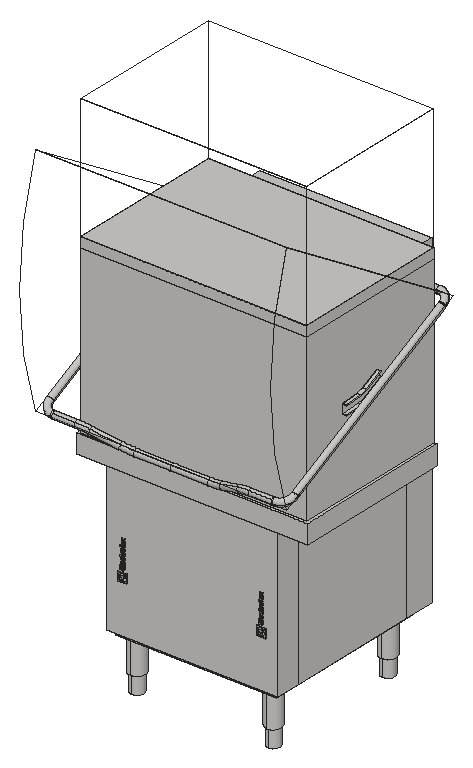
Revit family "QF_ELECTROLUXPROFESSIONAL_520519_EHT60XLG", category Specialty Equipment, Revit 2018
Family settings
  Round Connector Dimension = Use Diameter
  Part Type = Normal
  Work Plane-Based = No
  Always vertical = Yes
  Cut with Voids When Loaded = No
  Shared = Yes
  Room Calculation Point = No
Parameters (values of type "Standard")
  Weight = 135.00 kg
  Watts = 0 W
  Volts = 380 V
  URL Manufacturer = "http://professional.electrolux.com"
  URL = "http://professional.electrolux.com"
  Steam Supply Size = 0"
  Steam Supply Minimum Pressure = 0.00 psi
  Steam Supply Maximum Pressure = 0.00 psi
  Steam Pounds per Hour = 0
  Show Logo [instance] = yes
  Refrigeration Suction Line Size = 0"
  Refrigeration Liquid Line Size = 0"
  Refrigerant Compressor Remote = yes
  Phase = 3
  Model = "EHT60XL"
  Manufacturer = "Electrolux Professional"
  Length Actual = 990 mm  # constant formula
  Item Number = "520517"
  Hot Water Size = 3/4"
  Height Actual = 1567 mm  # constant formula
  HP = "13.3 HP"
  Gas Size = 0"
  Gas KW = 0
  Gas Input Pressure = 0.0 Btu/h
  Direct Waste Size = 0.80709"
  Description = "HOOD TYPE XL DISHWASHER, 60R/H,KFC"
  Depth Actual = 988 mm  # constant formula
  Cycle = 50 Hz
  Condensate Return Size = 0"
  Compressed Air Volume = 0 GPM
  Compressed Air Size = 0"
  Compressed Air Pressure = 0.00 psi
  Cold Water Size = 3/4"
  Assembly Code = ""
  Show Clearance [instance] = yes
  Accessory = yes
Types (2, lengths in mm): name | URL | Phase | Model | Manufacturer | Hot Water Size | Description | Cold Water Size
  (no name) | 0 | 0 | 0 | 0 | 0" | 0 | 0"
  Standard | "http://professional.electrolux.com" | 3 | "EHT60XL" | "Electrolux Professional" | 3/4" | "HOOD TYPE XL DISHWASHER, 60R/H,KFC" | 3/4"
Values of the unnamed type that differ from the named types
  Volts = 0 V
  URL Manufacturer = ""
  Item Number = ""
  Cycle = 0 Hz
Reference planes
  plane 1 "BACK": y = -5
  plane 2: z = 0
  plane 3: x = -79
  plane 4: x = 831
  plane 5: y = -763
  plane 6 "TOP": z = 1567
  plane 7 "Center Y": x = 376
  plane 8: z = 200
  plane 9: z = 875
  plane 10: x = 107
  plane 11: x = 645
  plane 12: z = 1567
  plane 13: y = -697
  plane 14: y = -384
  plane 15: y = -132
  plane 16: z = 800
  plane 17: x = 38
  plane 18: x = 714
  plane 19: z = 220
  plane 20: z = 1510
  plane 21: x = -69
  plane 22: x = 821
  plane 23: z = 1527
  plane 24 "maniglia": z = 1400
  plane 25 "LEFT": x = -119
  plane 26 "RIGHT": x = 871
  plane 27: z = 1006
  plane 28: y = -91
  plane 29 "maniglia1": through (0, -91, 1400) normal (0, 0.4379, -0.899)
  plane 30: z = 2057
  plane 31 "FRONT": y = -993
Forms (mm)
  Revolve 1, solid, material "QF_Finishes_Stainless Steel"
    sketch origin (107, 65.912, 0) x (0, 1, 0) y (0, 0, 1)
      loop
        line (-762.913, 0) -> (-737.513, 0) -> (-737.513, 69.951) -> (-731.163, 69.951) -> (-731.163, 200) -> (-762.913, 200) -> (-762.913, 0)
      axis (-762.913, 200) -> (-762.913, 0)
    angle from 0 to 360
  Revolve 2, solid, material "QF_Finishes_Stainless Steel"
    sketch origin (107, 627.062, 0) x (0, 1, 0) y (0, 0, 1)
      loop
        line (-759.062, 0) -> (-733.662, 0) -> (-733.662, 69.951) -> (-727.312, 69.951) -> (-727.312, 200) -> (-759.062, 200) -> (-759.062, 0)
      axis (-759.062, 200) -> (-759.062, 0)
    angle from 0 to 360
  Extrusion 3, solid, material "QF_Finishes_Stainless Steel"
    sketch origin (131.25, 5, 220) x (0, -1, 0) y (-1, 0, 0)
      loop
        circle (41, -431.75) r 10.25
    from 5.4 to 0
  Extrusion 4, solid, material "QF_Finishes_Stainless Steel"
    sketch origin (121, 0, 220) x (0, -1, 0) y (-1, 0, 0)
      loop
        circle (36, -495) r 9.525
    from 0 to 5.4
  Extrusion 5, solid, material "QF_Finishes_Stainless Steel"
    sketch origin (4, -1, 196.8) x (0, -1, 0) y (-1, 0, 0)
      loop
        circle (363, -655) r 12.7
    from 2.197 to -3.2
  Revolve 6, solid, material "QF_Finishes_Stainless Steel"
    sketch origin (645, 65.912, 0) x (0, 1, 0) y (0, 0, -1)
      loop
        line (-762.912, 0) -> (-762.912, -200) -> (-731.162, -200) -> (-731.162, -69.951) -> (-737.512, -69.951) -> (-737.512, 0) -> (-762.912, 0)
      axis (-762.912, -200) -> (-762.912, 0)
    angle from 0 to 360
  Revolve 7, solid, material "QF_Finishes_Stainless Steel"
    sketch origin (645, 627.062, 0) x (0, 1, 0) y (0, 0, -1)
      loop
        line (-759.062, 0) -> (-759.062, -200) -> (-727.312, -200) -> (-727.312, -69.951) -> (-733.662, -69.951) -> (-733.662, 0) -> (-759.062, 0)
      axis (-759.062, -200) -> (-759.062, 0)
    angle from 0 to 360
  Extrusion 8, solid, material "QF_Finishes_Stainless Steel"
    sketch origin (0, 0, 0) x (1, 0, 0) y (0, 1, 0)
      loop
        line (58, -71) -> (58, -743) -> (694, -743) -> (694, -71) -> (58, -71)
    from 200 to 220
  Extrusion 9, solid, material "QF_Finishes_Stainless Steel"
    sketch origin (0, 0, 0) x (1, 0, 0) y (0, 1, 0)
      loop
        line (38, -763) -> (714, -763) -> (714, -663) -> (38, -663) -> (38, -763)
    from 220 to 800
  Extrusion 10, solid, material "QF_Finishes_Stainless Steel"
    sketch origin (0, 0, 0) x (1, 0, 0) y (0, 1, 0)
      loop
        line (38, -663) -> (714, -663) -> (714, -125) -> (38, -125) -> (38, -663)
    from 220 to 800
  Extrusion 11, solid, material "QF_Finishes_Stainless Steel"
    sketch origin (0, 0, 0) x (1, 0, 0) y (0, 1, 0)
      loop
        line (38, -5) -> (38, -125) -> (714, -125) -> (714, -5) -> (38, -5)
    from 220 to 1510
  Extrusion 12, solid, material "QF_Finishes_Stainless Steel"
    sketch origin (0, 0, 0) x (1, 0, 0) y (0, 1, 0)
      loop
        line (-79, -763) -> (831, -763) -> (831, -125) -> (-79, -125) -> (-79, -763)
    from 800 to 875
  Extrusion 13, solid, material "QF_Finishes_Stainless Steel"
    sketch origin (0, 0, 0) x (1, 0, 0) y (0, 1, 0)
      loop
        line (-69, -753) -> (821, -753) -> (821, -125) -> (-69, -125) -> (-69, -753)
    from 875 to 1527
  Extrusion 14, solid, material "QF_Finishes_Stainless Steel"
    sketch origin (0, 0, 0) x (1, 0, 0) y (0, 1, 0)
      loop
        line (-69, -753) -> (821, -753) -> (821, -125) -> (-69, -125) -> (-69, -753)
    from 1527 to 1567
  Sweep 15, solid, material "QF_Finishes_Stainless Steel"
    path origin (0, -9.187, 1439.845) x (-1, 0, 0) y (0, -0.899046, -0.437854)
      loop
        line (-714, 91) -> (-813.5, 91)
        arc (-813.5, 91) -> (-845.32, 104.18) -> (-858.5, 136) r 45
        line (-858.5, 136) -> (-858.5, 141)
    profile origin (763.75, -91, 1400) x (0, 0.899046, 0.437854) y (0, -0.437854, 0.899046)
      loop
        circle (0, 0) r 12.5
  Sweep 16, solid, material "QF_Finishes_Stainless Steel"
    path origin (0, -568.558, 1167.419) x (0, 0.899046, 0.437854) y (1, 0, 0)
      loop
        line (481.183, 858.5) -> (-323.66, 858.5)
        arc (-323.66, 858.5) -> (-355.48, 845.32) -> (-368.66, 813.5) r 45
        line (-368.66, 813.5) -> (-368.66, 808.5)
    profile origin (858.5, -135.952, 1378.107) x (-1, 0, 0) y (0, 0.437854, -0.899046)
      loop
        circle (0, 0) r 12.5
  Sweep 17, solid, material "QF_Finishes_Stainless Steel"
    path origin (0, -240.005, 246.762) x (0, -0.656059, 0.75471) y (1, 0, 0)
      loop
        line (1006, 808.5) -> (1006, 719.479)
        arc (1006, 719.479) -> (1003.163, 694.657) -> (994.798, 671.116) r 110
        line (994.798, 671.116) -> (948.73, 577.005)
        arc (948.73, 577.005) -> (939.224, 550.253) -> (936, 522.047) r 125
        line (936, 522.047) -> (936, 376)
    profile origin (763.989, -900, 1006) x (0, -0.656059, 0.75471) y (0, 0.75471, 0.656059)
      loop
        circle (0, 0) r 12.5
  Sweep 18, solid, material "QF_Finishes_Stainless Steel"
    path origin (752, -9.187, 1439.845) x (1, 0, 0) y (0, 0.899046, 0.437854)
      loop
        line (-714, -91) -> (-813.5, -91)
        arc (-813.5, -91) -> (-845.32, -104.18) -> (-858.5, -136) r 45
        line (-858.5, -136) -> (-858.5, -141)
    profile origin (-11.75, -91, 1400) x (0, -0.899046, -0.437854) y (0, -0.437854, 0.899046)
      loop
        circle (0, 0) r 12.5
  Sweep 19, solid, material "QF_Finishes_Stainless Steel"
    path origin (752, -568.558, 1167.419) x (0, 0.899046, 0.437854) y (-1, 0, 0)
      loop
        line (481.183, 858.5) -> (-323.66, 858.5)
        arc (-323.66, 858.5) -> (-355.48, 845.32) -> (-368.66, 813.5) r 45
        line (-368.66, 813.5) -> (-368.66, 808.5)
    profile origin (-106.5, -135.952, 1378.107) x (-1, 0, 0) y (0, 0.437854, -0.899046)
      loop
        circle (0, 0) r 12.5
  Sweep 20, solid, material "QF_Finishes_Stainless Steel"
    path origin (752, -240.005, 246.762) x (0, -0.656059, 0.75471) y (1, 0, 0)
      loop
        line (1006, -808.5) -> (1006, -719.479)
        arc (1006, -719.479) -> (1003.163, -694.657) -> (994.798, -671.116) r 110
        line (994.798, -671.116) -> (948.73, -577.005)
        arc (948.73, -577.005) -> (939.224, -550.253) -> (936, -522.047) r 125
        line (936, -522.047) -> (936, -376)
    profile origin (-11.989, -900, 1006) x (0, 0.656059, -0.75471) y (0, 0.75471, 0.656059)
      loop
        circle (0, 0) r 12.5
  Sweep 21, solid, material "QF_Finishes_Stainless Steel"
    path origin (821, -753, -2.5) x (0, 1, 0) y (0, 0, 1)
      loop
        line (348.342, 1247.242) -> (279.509, 1213.719)
        arc (279.509, 1213.719) -> (262.474, 1207.358) -> (244.539, 1204.36) r 95
        line (244.539, 1204.36) -> (173.152, 1199.368)
    profile origin (821, -439.075, 1227.98) x (0, 0.437854, -0.899046) y (1, 0, 0)
      loop
        line (0, 0) -> (20, 0) -> (20, 20) -> (17, 20) -> (17, 3) -> (0, 3) -> (-17, 3) -> (-17, 20) -> (-20, 20) -> (-20, 0) -> (0, 0)
  Sweep 22, solid, material "QF_Finishes_Stainless Steel"
    path origin (-69, -753, -2.5) x (0, 1, 0) y (0, 0, -1)
      loop
        line (348.342, -1247.242) -> (279.509, -1213.719)
        arc (279.509, -1213.719) -> (262.474, -1207.358) -> (244.539, -1204.36) r 95
        line (244.539, -1204.36) -> (173.152, -1199.368)
    profile origin (-69, -439.075, 1227.98) x (0, -0.437854, 0.899046) y (-1, 0, 0)
      loop
        line (0, 0) -> (20, 0) -> (20, 20) -> (17, 20) -> (17, 3) -> (0, 3) -> (-17, 3) -> (-17, 20) -> (-20, 20) -> (-20, 0) -> (0, 0)
  Extrusion 23, solid, material "QF_Finishes_Door Clearance"
    sketch origin (0, 0, 440) x (1, 0, 0) y (0, 1, 0)
      loop
        line (-69, -753) -> (821, -753) -> (821, -125) -> (-69, -125) -> (-69, -753)
    from 1127 to 1577
  Extrusion 24, solid, material "QF_Finishes_Door Clearance"
    sketch origin (0, 0, 490) x (1, 0, 0) y (0, 1, 0)
      loop
        line (-69, -753) -> (821, -753) -> (821, -125) -> (-69, -125) -> (-69, -753)
    from 1527 to 1567
  Extrusion 25, solid, material "QF_Finishes_Door Clearance"
    sketch origin (821, -753, 0) x (0, 1, 0) y (0, 0, 1)
      loop
        line (662, 1400) -> (-159.6, 1929)
        arc (-159.6, 1929) -> (-240.108, 1464.432) -> (-159.6, 999.863) r 1380.647
        line (-159.6, 999.863) -> (662, 1400)
    from -940 to 50
Cuts and joins
  joined: Sweep 15, Sweep 16, Sweep 17, Sweep 18, Sweep 19, Sweep 20
  joined: Extrusion 23, Extrusion 24
Lines and regions (mm)
  Split face 1
    outline origin (-79, -763, 0) x (1, 0, 0) y (0, 0, 1)
      loop
        line (157, 789.087) -> (157, 229.087) -> (207, 229.087) -> (207, 789.087) -> (157, 789.087)
  Split face 2
    outline origin (831, -763, 0) x (-1, 0, 0) y (0, 0, -1)
      loop
        line (157, -789.087) -> (207, -789.087) -> (207, -229.087) -> (157, -229.087) -> (157, -789.087)
  Split face 3
    outline origin (-79, -763, 0) x (1, 0, 0) y (0, 0, 1)
      loop
        arc (174, 784.144) -> (172.586, 783.558) -> (172, 782.144) r 2
        line (172, 782.144) -> (172, 766.144)
        arc (172, 766.144) -> (172.586, 764.73) -> (174, 764.144) r 2
        line (174, 764.144) -> (182, 764.144)
        arc (182, 764.144) -> (189.071, 767.073) -> (192, 774.144) r 10
        line (192, 774.144) -> (192, 782.144)
        arc (192, 782.144) -> (191.414, 783.558) -> (190, 784.144) r 2
        line (190, 784.144) -> (174, 784.144)
  Split face 4
    outline origin (467, -763, 0) x (1, 0, 0) y (0, 0, 1)
      loop
        arc (174, 784.144) -> (172.586, 783.558) -> (172, 782.144) r 2
        line (172, 782.144) -> (172, 766.144)
        arc (172, 766.144) -> (172.586, 764.73) -> (174, 764.144) r 2
        line (174, 764.144) -> (182, 764.144)
        arc (182, 764.144) -> (189.071, 767.073) -> (192, 774.144) r 10
        line (192, 774.144) -> (192, 782.144)
        arc (192, 782.144) -> (191.414, 783.558) -> (190, 784.144) r 2
        line (190, 784.144) -> (174, 784.144)
  Split face 5
    outline origin (-79, -763, 0) x (1, 0, 0) y (0, 0, 1)
      loop
        arc (164, 707.109) -> (162.586, 706.524) -> (162, 705.109) r 2
        line (162, 705.109) -> (162, 689.109)
        arc (162, 689.109) -> (162.586, 687.695) -> (164, 687.109) r 2
        line (164, 687.109) -> (200, 687.109)
        arc (200, 687.109) -> (201.414, 687.695) -> (202, 689.109) r 2
        line (202, 689.109) -> (202, 705.109)
        arc (202, 705.109) -> (201.414, 706.524) -> (200, 707.109) r 2
        line (200, 707.109) -> (164, 707.109)
  Split face 6
    outline origin (831, -763, 0) x (-1, 0, 0) y (0, 0, -1)
      loop
        line (164, -707.109) -> (200, -707.109)
        arc (200, -707.109) -> (201.414, -706.524) -> (202, -705.109) r 2
        line (202, -705.109) -> (202, -689.109)
        arc (202, -689.109) -> (201.414, -687.695) -> (200, -687.109) r 2
        line (200, -687.109) -> (164, -687.109)
        arc (164, -687.109) -> (162.586, -687.695) -> (162, -689.109) r 2
        line (162, -689.109) -> (162, -705.109)
        arc (162, -705.109) -> (162.586, -706.524) -> (164, -707.109) r 2
  Split face 7
    outline origin (-91.5, -763, -113.75) x (1, 0, 0) y (0, 0, 1)
      loop
        arc (174, 784.144) -> (172.586, 783.558) -> (172, 782.144) r 2
        line (172, 782.144) -> (172, 766.144)
        arc (172, 766.144) -> (172.586, 764.73) -> (174, 764.144) r 2
        line (174, 764.144) -> (182, 764.144)
        arc (182, 764.144) -> (189.071, 767.073) -> (192, 774.144) r 10
        line (192, 774.144) -> (192, 782.144)
        arc (192, 782.144) -> (191.414, 783.558) -> (190, 784.144) r 2
        line (190, 784.144) -> (174, 784.144)
  Split face 8
    outline origin (-66.5, -763, -113.75) x (1, 0, 0) y (0, 0, 1)
      loop
        arc (174, 784.144) -> (172.586, 783.558) -> (172, 782.144) r 2
        line (172, 782.144) -> (172, 766.144)
        arc (172, 766.144) -> (172.586, 764.73) -> (174, 764.144) r 2
        line (174, 764.144) -> (182, 764.144)
        arc (182, 764.144) -> (189.071, 767.073) -> (192, 774.144) r 10
        line (192, 774.144) -> (192, 782.144)
        arc (192, 782.144) -> (191.414, 783.558) -> (190, 784.144) r 2
        line (190, 784.144) -> (174, 784.144)
  Split face 9
    outline origin (-91.5, -763, -138.75) x (1, 0, 0) y (0, 0, 1)
      loop
        arc (174, 784.144) -> (172.586, 783.558) -> (172, 782.144) r 2
        line (172, 782.144) -> (172, 766.144)
        arc (172, 766.144) -> (172.586, 764.73) -> (174, 764.144) r 2
        line (174, 764.144) -> (182, 764.144)
        arc (182, 764.144) -> (189.071, 767.073) -> (192, 774.144) r 10
        line (192, 774.144) -> (192, 782.144)
        arc (192, 782.144) -> (191.414, 783.558) -> (190, 784.144) r 2
        line (190, 784.144) -> (174, 784.144)
  Split face 10
    outline origin (-66.5, -763, -138.75) x (1, 0, 0) y (0, 0, 1)
      loop
        arc (174, 784.144) -> (172.586, 783.558) -> (172, 782.144) r 2
        line (172, 782.144) -> (172, 766.144)
        arc (172, 766.144) -> (172.586, 764.73) -> (174, 764.144) r 2
        line (174, 764.144) -> (182, 764.144)
        arc (182, 764.144) -> (189.071, 767.073) -> (192, 774.144) r 10
        line (192, 774.144) -> (192, 782.144)
        arc (192, 782.144) -> (191.414, 783.558) -> (190, 784.144) r 2
        line (190, 784.144) -> (174, 784.144)
  Split face 11
    outline origin (-91.5, -763, -163.75) x (1, 0, 0) y (0, 0, 1)
      loop
        arc (174, 784.144) -> (172.586, 783.558) -> (172, 782.144) r 2
        line (172, 782.144) -> (172, 766.144)
        arc (172, 766.144) -> (172.586, 764.73) -> (174, 764.144) r 2
        line (174, 764.144) -> (182, 764.144)
        arc (182, 764.144) -> (189.071, 767.073) -> (192, 774.144) r 10
        line (192, 774.144) -> (192, 782.144)
        arc (192, 782.144) -> (191.414, 783.558) -> (190, 784.144) r 2
        line (190, 784.144) -> (174, 784.144)
  Split face 12
    outline origin (-66.5, -763, -163.75) x (1, 0, 0) y (0, 0, 1)
      loop
        arc (174, 784.144) -> (172.586, 783.558) -> (172, 782.144) r 2
        line (172, 782.144) -> (172, 766.144)
        arc (172, 766.144) -> (172.586, 764.73) -> (174, 764.144) r 2
        line (174, 764.144) -> (182, 764.144)
        arc (182, 764.144) -> (189.071, 767.073) -> (192, 774.144) r 10
        line (192, 774.144) -> (192, 782.144)
        arc (192, 782.144) -> (191.414, 783.558) -> (190, 784.144) r 2
        line (190, 784.144) -> (174, 784.144)
  Split face 13
    outline origin (454.5, -763, -113.75) x (1, 0, 0) y (0, 0, 1)
      loop
        arc (174, 784.144) -> (172.586, 783.558) -> (172, 782.144) r 2
        line (172, 782.144) -> (172, 766.144)
        arc (172, 766.144) -> (172.586, 764.73) -> (174, 764.144) r 2
        line (174, 764.144) -> (182, 764.144)
        arc (182, 764.144) -> (189.071, 767.073) -> (192, 774.144) r 10
        line (192, 774.144) -> (192, 782.144)
        arc (192, 782.144) -> (191.414, 783.558) -> (190, 784.144) r 2
        line (190, 784.144) -> (174, 784.144)
  Split face 14
    outline origin (479.5, -763, -113.75) x (1, 0, 0) y (0, 0, 1)
      loop
        arc (174, 784.144) -> (172.586, 783.558) -> (172, 782.144) r 2
        line (172, 782.144) -> (172, 766.144)
        arc (172, 766.144) -> (172.586, 764.73) -> (174, 764.144) r 2
        line (174, 764.144) -> (182, 764.144)
        arc (182, 764.144) -> (189.071, 767.073) -> (192, 774.144) r 10
        line (192, 774.144) -> (192, 782.144)
        arc (192, 782.144) -> (191.414, 783.558) -> (190, 784.144) r 2
        line (190, 784.144) -> (174, 784.144)
  Split face 15
    outline origin (454.5, -763, -138.75) x (1, 0, 0) y (0, 0, 1)
      loop
        arc (174, 784.144) -> (172.586, 783.558) -> (172, 782.144) r 2
        line (172, 782.144) -> (172, 766.144)
        arc (172, 766.144) -> (172.586, 764.73) -> (174, 764.144) r 2
        line (174, 764.144) -> (182, 764.144)
        arc (182, 764.144) -> (189.071, 767.073) -> (192, 774.144) r 10
        line (192, 774.144) -> (192, 782.144)
        arc (192, 782.144) -> (191.414, 783.558) -> (190, 784.144) r 2
        line (190, 784.144) -> (174, 784.144)
  Split face 16
    outline origin (479.5, -763, -138.75) x (1, 0, 0) y (0, 0, 1)
      loop
        arc (174, 784.144) -> (172.586, 783.558) -> (172, 782.144) r 2
        line (172, 782.144) -> (172, 766.144)
        arc (172, 766.144) -> (172.586, 764.73) -> (174, 764.144) r 2
        line (174, 764.144) -> (182, 764.144)
        arc (182, 764.144) -> (189.071, 767.073) -> (192, 774.144) r 10
        line (192, 774.144) -> (192, 782.144)
        arc (192, 782.144) -> (191.414, 783.558) -> (190, 784.144) r 2
        line (190, 784.144) -> (174, 784.144)
  Split face 17
    outline origin (454.5, -763, -163.75) x (1, 0, 0) y (0, 0, 1)
      loop
        arc (174, 784.144) -> (172.586, 783.558) -> (172, 782.144) r 2
        line (172, 782.144) -> (172, 766.144)
        arc (172, 766.144) -> (172.586, 764.73) -> (174, 764.144) r 2
        line (174, 764.144) -> (182, 764.144)
        arc (182, 764.144) -> (189.071, 767.073) -> (192, 774.144) r 10
        line (192, 774.144) -> (192, 782.144)
        arc (192, 782.144) -> (191.414, 783.558) -> (190, 784.144) r 2
        line (190, 784.144) -> (174, 784.144)
  Split face 18
    outline origin (479.5, -763, -163.75) x (1, 0, 0) y (0, 0, 1)
      loop
        arc (174, 784.144) -> (172.586, 783.558) -> (172, 782.144) r 2
        line (172, 782.144) -> (172, 766.144)
        arc (172, 766.144) -> (172.586, 764.73) -> (174, 764.144) r 2
        line (174, 764.144) -> (182, 764.144)
        arc (182, 764.144) -> (189.071, 767.073) -> (192, 774.144) r 10
        line (192, 774.144) -> (192, 782.144)
        arc (192, 782.144) -> (191.414, 783.558) -> (190, 784.144) r 2
        line (190, 784.144) -> (174, 784.144)
  symbolic lines
    curve 1: line (38, -5, 0) -> (714, -5, 0)
    curve 2: line (714, -5, 0) -> (714, -125, 0)
    curve 3: line (831, -125, 0) -> (831, -763, 0)
    curve 4: line (831, -763, 0) -> (-79, -763, 0)
    curve 5: line (-79, -763, 0) -> (-79, -125, 0)
    curve 6: line (-79, -125, 0) -> (831, -125, 0)
    curve 7: line (38, -125, 0) -> (38, -5, 0)
    curve 8: line (-69, -125, 0) -> (-69, -753, 0)
    curve 9: line (-69, -753, 0) -> (821, -753, 0)
    curve 10: line (821, -753, 0) -> (821, -125, 0)
    curve 11: line (-69.967, -78.5, 0) -> (38, -78.5, 0)
    curve 12: line (38, -103.5, 0) -> (-67.885, -103.5, 0)
    curve 13: arc (-67.885, -103.5, 0) -> (-85.783, -113.648, 0) -> (-94, -132.51, 0) r 32.5
    curve 14: arc (-119, -131.557, 0) -> (-103.857, -96.367, 0) -> (-69.967, -78.5, 0) r 57.5
    curve 15: line (-119, -862.917, 0) -> (-119, -131.557, 0)
    curve 16: line (-94, -132.51, 0) -> (-94, -860.943, 0)
    curve 17: arc (-94, -860.943, 0) -> (-83.083, -879.781, 0) -> (-62.724, -887.5, 0) r 32.5
    curve 18: arc (-62.948, -912.5, 0) -> (-100.144, -898.075, 0) -> (-119, -862.917, 0) r 57.5
    curve 19: line (33.327, -912.5, 0) -> (-62.948, -912.5, 0)
    curve 20: line (-62.724, -887.5, 0) -> (33.327, -887.5, 0)
    curve 21: line (376, -866.562, 0) -> (227.694, -866.562, 0)
    curve 22: line (227.648, -841.562, 0) -> (376, -841.562, 0)
    curve 23: line (84.061, -904.757, 0) -> (178.933, -874.293, 0)
    curve 24: arc (33.327, -912.5, 0) -> (58.988, -910.553, 0) -> (84.061, -904.757, 0) r 170.084
    curve 25: arc (178.933, -874.293, 0) -> (203.016, -868.553, 0) -> (227.694, -866.562, 0) r 161.488
    curve 26: arc (33.327, -887.5, 0) -> (55.17, -885.846, 0) -> (76.515, -880.923, 0) r 145.084
    curve 27: line (76.515, -880.923, 0) -> (171.29, -850.49, 0)
    curve 28: arc (171.29, -850.49, 0) -> (199.125, -843.858, 0) -> (227.648, -841.562, 0) r 186.488
    curve 29: line (821.967, -78.5, 0) -> (714, -78.5, 0)
    curve 30: line (714, -103.5, 0) -> (819.885, -103.5, 0)
    curve 31: arc (819.885, -103.5, 0) -> (837.783, -113.648, 0) -> (846, -132.51, 0) r 32.5
    curve 32: arc (871, -131.557, 0) -> (855.857, -96.367, 0) -> (821.967, -78.5, 0) r 57.5
    curve 33: line (871, -862.917, 0) -> (871, -131.557, 0)
    curve 34: line (846, -132.51, 0) -> (846, -860.943, 0)
    curve 35: arc (846, -860.943, 0) -> (835.083, -879.781, 0) -> (814.724, -887.5, 0) r 32.5
    curve 36: arc (814.948, -912.5, 0) -> (852.144, -898.075, 0) -> (871, -862.917, 0) r 57.5
    curve 37: line (718.673, -912.5, 0) -> (814.948, -912.5, 0)
    curve 38: line (814.724, -887.5, 0) -> (718.673, -887.5, 0)
    curve 39: line (376, -866.562, 0) -> (524.306, -866.562, 0)
    curve 40: line (524.352, -841.562, 0) -> (376, -841.562, 0)
    curve 41: line (667.939, -904.757, 0) -> (573.067, -874.293, 0)
    curve 42: arc (718.673, -912.5, 0) -> (693.012, -910.553, 0) -> (667.939, -904.757, 0) r 170.084
    curve 43: arc (573.067, -874.293, 0) -> (548.984, -868.553, 0) -> (524.306, -866.562, 0) r 161.488
    curve 44: arc (718.673, -887.5, 0) -> (696.83, -885.846, 0) -> (675.485, -880.923, 0) r 145.084
    curve 45: line (675.485, -880.923, 0) -> (580.71, -850.49, 0)
    curve 46: arc (580.71, -850.49, 0) -> (552.875, -843.858, 0) -> (524.352, -841.562, 0) r 186.488
  symbolic lines, style "QF-Door Swings"
    curve 47: line (-119, -862.917, 0) -> (-119, -993.108, 0)
    curve 48: line (-119, -993.108, 0) -> (871, -993.108, 0)
    curve 49: line (871, -993.108, 0) -> (871, -862.917, 0)
  symbolic lines, style "SpecialityEquipmentHiddenLines"
    curve 50: line (714, -763, 0) -> (714, -125, 0)
    curve 51: line (38, -125, 0) -> (38, -763, 0)
    curve 52: line (38, -763, 0) -> (714, -763, 0)
Dimensions and locks
  Extrusion 4 sketch curve to plane 1 "BACK" = 31 mm
  locked: plane 9 to level at 875
  Extrusion 3 sketch curve to plane 1 "BACK" = 31 mm
  Extrusion 5 sketch curve to plane 1 "BACK" = 359 mm
  plane 3 to plane 4 = 910 mm  (x2)
  locked: plane 10 to plane 11 at 538
  locked: plane 8 to level at 200
  plane 12 to level = 1567 mm
  equal spacing: plane 5, plane 14, plane 1 "BACK"
  plane 5 to plane 1 "BACK" = 758 mm
  equal spacing: plane 3, plane 7 "Center Y", plane 4
  plane 13 to plane 15 to plane 1 "BACK" = 565 mm, 127 mm
  locked: plane 9 to plane 16 at 75
  locked: plane 3 to plane 17 at 117
  locked: plane 18 to plane 4 at 117
  plane 17 to plane 18 = 676 mm
  locked: plane 19 to plane 8 at 20
  plane 12 to plane 20 = 57 mm
  plane 12 to plane 23 = 40 mm
  plane 22 to plane 21 = 890 mm
  plane 25 "LEFT" to plane 26 "RIGHT" = 990 mm
  plane 30 to level = 2057 mm  (x2)
  plane 31 "FRONT" to plane 1 "BACK" = 988 mm  (x2)
  plane 9 to Extrusion 23 = 692 mm
  plane 9 to level = 875 mm
  aligned and locked: level to plane 2
  aligned and locked: Extrusion 8 to Revolve 1
  aligned and locked: plane 5 to Extrusion 9 sketch curve
  aligned and locked: plane 16 to Extrusion 9
  aligned and locked: Extrusion 9 to plane 19
  aligned and locked: plane 19 to Extrusion 8
  aligned and locked: Extrusion 10 sketch curve to Extrusion 9
  aligned and locked: Extrusion 10 to plane 19
  aligned and locked: plane 16 to Extrusion 10
  aligned and locked: Extrusion 9 sketch curve to plane 18
  aligned and locked: plane 17 to Extrusion 9 sketch curve
  aligned and locked: Extrusion 10 sketch curve to plane 18
  aligned and locked: plane 1 "BACK" to Extrusion 11 sketch curve
  aligned and locked: Extrusion 11 sketch curve to plane 17
  aligned and locked: Extrusion 11 sketch curve to Extrusion 10  (x2)
  aligned and locked: plane 20 to Extrusion 11
  aligned and locked: Extrusion 11 to plane 19
  aligned and locked: plane 5 to Extrusion 12 sketch curve
  aligned and locked: Extrusion 12 sketch curve to plane 3
  aligned and locked: plane 4 to Extrusion 12 sketch curve
  aligned and locked: plane 9 to Extrusion 12
  aligned and locked: Extrusion 12 to plane 16
  aligned and locked: Extrusion 13 sketch curve to plane 21
  aligned and locked: plane 22 to Extrusion 13 sketch curve
  aligned and locked: Extrusion 13 to plane 9
  aligned and locked: plane 23 to Extrusion 13
  aligned and locked: Extrusion 14 sketch curve to Extrusion 13  (x4)
  aligned and locked: plane 6 "TOP" to Extrusion 14
  aligned and locked: Extrusion 14 to plane 23
  aligned and locked: Extrusion 24 sketch curve to Extrusion 23  (x4)
  aligned and locked: Extrusion 23 to Extrusion 24
Automatic sketch dimensions
  plane 7 "Center Y" to Extrusion 3 sketch curve = 187 mm
  plane 7 "Center Y" to Extrusion 4 sketch curve = 240 mm
  Extrusion 5 sketch curve to plane 11 = 14 mm
  Extrusion 10 sketch curve to plane 17 = 0 mm
  Sweep 15 sketch curve to plane 18 = 0 mm
  Sweep 15 sketch curve to plane 22 = 7.5 mm
  Sweep 15 sketch curve to plane 26 "RIGHT" = 12.5 mm
  Sweep 15 sketch curve to Sweep 15 sketch curve = 5 mm
  profile plane to Sweep 15 sketch curve = 0 mm
  Sweep 15 sketch curve to profile plane = 0 mm
  Sweep 16 sketch curve to plane 22 = 7.5 mm
  Sweep 16 sketch curve to Sweep 16 sketch curve = 45 mm
  Sweep 16 sketch curve to Sweep 16 sketch curve = 804.843 mm
  Sweep 16 sketch curve to Sweep 16 sketch curve = 5 mm
  plane 29 "maniglia1" to Sweep 16 sketch curve = 0 mm
  Sweep 16 sketch curve to profile plane = 0 mm
  Sweep 17 sketch curve to plane 7 "Center Y" = 0 mm
  Sweep 17 sketch curve to plane 18 = 5.479 mm
  Sweep 17 sketch curve to Sweep 17 sketch curve = 40 mm
  plane 11 to Sweep 17 sketch curve = 67.995 mm
  Sweep 17 sketch curve to Sweep 17 sketch curve = 12.73 mm
  Sweep 17 sketch curve to Sweep 17 sketch curve = 46.069 mm
  plane 11 to Sweep 17 sketch curve = 122.953 mm
  Sweep 17 sketch curve to plane 22 = 12.5 mm
  profile plane to Sweep 17 sketch curve = 0 mm
  Sweep 17 sketch curve to profile plane = 0 mm
  Sweep 18 sketch curve to plane 17 = 0 mm
  plane 21 to Sweep 18 sketch curve = 7.5 mm
  plane 25 "LEFT" to Sweep 18 sketch curve = 12.5 mm
  Sweep 18 sketch curve to Sweep 18 sketch curve = 5 mm
  Sweep 18 sketch curve to profile plane = 0 mm  (x2)
  Sweep 19 sketch curve to plane 21 = 7.5 mm
  Sweep 19 sketch curve to Sweep 19 sketch curve = 45 mm
  Sweep 19 sketch curve to Sweep 19 sketch curve = 804.843 mm
  Sweep 19 sketch curve to Sweep 19 sketch curve = 5 mm
  plane 29 "maniglia1" to Sweep 19 sketch curve = 0 mm
  Sweep 19 sketch curve to profile plane = 0 mm
  Sweep 20 sketch curve to plane 7 "Center Y" = 0 mm
  plane 17 to Sweep 20 sketch curve = 5.479 mm
  Sweep 20 sketch curve to Sweep 20 sketch curve = 40 mm
  Sweep 20 sketch curve to plane 10 = 67.995 mm
  Sweep 20 sketch curve to Sweep 20 sketch curve = 12.73 mm
  Sweep 20 sketch curve to Sweep 20 sketch curve = 46.069 mm
  Sweep 20 sketch curve to plane 10 = 122.953 mm
  plane 21 to Sweep 20 sketch curve = 12.5 mm
  Sweep 20 sketch curve to profile plane = 0 mm  (x2)
  Sweep 22 sketch curve to plane 14 = 131.087 mm
  Sweep 22 sketch curve to Sweep 22 sketch curve = 6.627 mm
  Sweep 22 sketch curve to Sweep 22 sketch curve = 34.969 mm
  Sweep 22 sketch curve to plane 24 "maniglia" = 103.372 mm
  Sweep 22 sketch curve to Sweep 22 sketch curve = 85.409 mm
  Sweep 22 sketch curve to Sweep 22 sketch curve = 71.388 mm
  Sweep 22 sketch curve to plane 14 = 20.658 mm
  Sweep 22 sketch curve to Sweep 22 sketch curve = 33.523 mm
  Sweep 22 sketch curve to Sweep 22 sketch curve = 4.992 mm
  Sweep 22 sketch curve to profile plane = 0 mm
  profile plane to Sweep 22 sketch curve = 0 mm  (x2)
  profile plane to Sweep 22 sketch curve = 3 mm
  profile plane to Sweep 22 sketch curve = 17 mm
  Sweep 22 sketch curve to Sweep 22 sketch curve = 3 mm  (x2)
  Sweep 22 sketch curve to profile plane = 17 mm
  Sweep 22 sketch curve to Sweep 22 sketch curve = 17 mm  (x2)
  Extrusion 23 sketch curve to plane 21 = 0 mm
  Extrusion 23 sketch curve to plane 22 = 0 mm
  Revolve 1 sketch curve to level = 0 mm  (x2)
  Revolve 1 sketch curve to plane 13 = 0 mm  (x2)
  Revolve 1 sketch curve to plane 8 = 0 mm
  level to Revolve 1 sketch curve = 69.951 mm
  Revolve 1 sketch curve to Revolve 1 sketch curve = 19.05 mm
  Revolve 2 sketch curve to level = 0 mm  (x2)
  Revolve 2 sketch curve to plane 15 = 0 mm  (x2)
  Revolve 2 sketch curve to plane 8 = 0 mm
  Revolve 2 sketch curve to plane 28 = 15.6 mm
  Revolve 2 sketch curve to Revolve 2 sketch curve = 6.35 mm
  level to Revolve 2 sketch curve = 69.951 mm
  Revolve 2 sketch curve to Revolve 2 sketch curve = 19.05 mm
  Revolve 6 sketch curve to level = 0 mm  (x2)
  Revolve 6 sketch curve to plane 13 = 0 mm  (x2)
  Revolve 6 sketch curve to plane 8 = 0 mm
  level to Revolve 6 sketch curve = 69.951 mm
  Revolve 6 sketch curve to Revolve 6 sketch curve = 19.05 mm
  Revolve 7 sketch curve to level = 0 mm  (x2)
  Revolve 7 sketch curve to plane 15 = 0 mm  (x2)
  Revolve 7 sketch curve to plane 8 = 0 mm
  Revolve 7 sketch curve to plane 28 = 15.6 mm
  Revolve 7 sketch curve to Revolve 7 sketch curve = 6.35 mm
  level to Revolve 7 sketch curve = 69.951 mm
  Revolve 7 sketch curve to Revolve 7 sketch curve = 19.05 mm
  Split face 1 sketch curve to Extrusion 9 = 9.087 mm
  Split face 1 sketch curve to Extrusion 9 = 40 mm
  Split face 1 sketch curve to Split face 1 sketch curve = 50 mm
  Split face 1 sketch curve to Extrusion 9 = 10.913 mm
  Split face 2 sketch curve to Extrusion 9 = 9.087 mm
  Split face 2 sketch curve to Extrusion 9 = 40 mm
  Split face 2 sketch curve to Split face 2 sketch curve = 50 mm
  Split face 2 sketch curve to Extrusion 9 = 10.913 mm
  Split face 3 sketch curve to Extrusion 9 = 55 mm
  Split face 3 sketch curve to Split face 3 sketch curve = 2 mm  (x3)
  Split face 3 sketch curve to Split face 3 sketch curve = 8 mm  (x3)
  Split face 3 sketch curve to Extrusion 9 = 35.856 mm
  Split face 4 sketch curve to Extrusion 9 = 75 mm
  Split face 4 sketch curve to Split face 4 sketch curve = 2 mm  (x3)
  Split face 4 sketch curve to Split face 4 sketch curve = 8 mm  (x3)
  Split face 4 sketch curve to Extrusion 9 = 35.856 mm
  Split face 5 sketch curve to Extrusion 9 = 45 mm
  Split face 5 sketch curve to Split face 5 sketch curve = 2 mm  (x3)
  Split face 5 sketch curve to Split face 5 sketch curve = 36 mm
  Split face 5 sketch curve to Split face 5 sketch curve = 0 mm
  Split face 5 sketch curve to Extrusion 9 = 112.891 mm
  Split face 5 sketch curve to Split face 5 sketch curve = 16 mm
  Split face 6 sketch curve to Extrusion 9 = 45 mm
  Split face 6 sketch curve to Split face 6 sketch curve = 2 mm  (x3)
  Split face 6 sketch curve to Split face 6 sketch curve = 36 mm
  Split face 6 sketch curve to Split face 6 sketch curve = 0 mm
  Split face 6 sketch curve to Extrusion 9 = 92.891 mm
  Split face 6 sketch curve to Split face 6 sketch curve = 16 mm
  Split face 7 sketch curve to Extrusion 9 = 42.5 mm
  Split face 7 sketch curve to Split face 7 sketch curve = 2 mm  (x3)
  Split face 7 sketch curve to Split face 7 sketch curve = 8 mm  (x3)
  Split face 7 sketch curve to Extrusion 9 = 149.606 mm
  Split face 8 sketch curve to Extrusion 9 = 67.5 mm
  Split face 8 sketch curve to Split face 8 sketch curve = 2 mm  (x3)
  Split face 8 sketch curve to Split face 8 sketch curve = 8 mm  (x3)
  Split face 8 sketch curve to Extrusion 9 = 149.606 mm
  Split face 9 sketch curve to Extrusion 9 = 42.5 mm
  Split face 9 sketch curve to Split face 9 sketch curve = 2 mm  (x3)
  Split face 9 sketch curve to Split face 9 sketch curve = 8 mm  (x3)
  Split face 9 sketch curve to Extrusion 9 = 174.606 mm
  Split face 10 sketch curve to Extrusion 9 = 67.5 mm
  Split face 10 sketch curve to Split face 10 sketch curve = 2 mm  (x3)
  Split face 10 sketch curve to Split face 10 sketch curve = 8 mm  (x3)
  Split face 10 sketch curve to Extrusion 9 = 174.606 mm
  Split face 11 sketch curve to Extrusion 9 = 42.5 mm
  Split face 11 sketch curve to Split face 11 sketch curve = 2 mm  (x3)
  Split face 11 sketch curve to Split face 11 sketch curve = 8 mm  (x3)
  Split face 11 sketch curve to Extrusion 9 = 199.606 mm
  Split face 12 sketch curve to Extrusion 9 = 67.5 mm
  Split face 12 sketch curve to Split face 12 sketch curve = 2 mm  (x3)
  Split face 12 sketch curve to Split face 12 sketch curve = 8 mm  (x3)
  Split face 12 sketch curve to Extrusion 9 = 199.606 mm
  Split face 13 sketch curve to Extrusion 9 = 87.5 mm
  Split face 13 sketch curve to Split face 13 sketch curve = 2 mm  (x3)
  Split face 13 sketch curve to Split face 13 sketch curve = 8 mm  (x3)
  Split face 13 sketch curve to Extrusion 9 = 149.606 mm
  Split face 14 sketch curve to Extrusion 9 = 62.5 mm
  Split face 14 sketch curve to Split face 14 sketch curve = 2 mm  (x3)
  Split face 14 sketch curve to Split face 14 sketch curve = 8 mm  (x3)
  Split face 14 sketch curve to Extrusion 9 = 149.606 mm
  Split face 15 sketch curve to Extrusion 9 = 87.5 mm
  Split face 15 sketch curve to Split face 15 sketch curve = 2 mm  (x3)
  Split face 15 sketch curve to Split face 15 sketch curve = 8 mm  (x3)
  Split face 15 sketch curve to Extrusion 9 = 174.606 mm
  Split face 16 sketch curve to Extrusion 9 = 62.5 mm
  Split face 16 sketch curve to Split face 16 sketch curve = 2 mm  (x3)
  Split face 16 sketch curve to Split face 16 sketch curve = 8 mm  (x3)
  Split face 16 sketch curve to Extrusion 9 = 174.606 mm
  Split face 17 sketch curve to Extrusion 9 = 87.5 mm
  Split face 17 sketch curve to Split face 17 sketch curve = 2 mm  (x3)
  Split face 17 sketch curve to Split face 17 sketch curve = 8 mm  (x3)
  Split face 17 sketch curve to Extrusion 9 = 199.606 mm
  Split face 18 sketch curve to Extrusion 9 = 62.5 mm
  Split face 18 sketch curve to Split face 18 sketch curve = 2 mm  (x3)
  Split face 18 sketch curve to Split face 18 sketch curve = 8 mm  (x3)
  Split face 18 sketch curve to Extrusion 9 = 199.606 mm
  Sweep 21 sketch curve to Extrusion 13 = 237.913 mm
  Sweep 21 sketch curve to Sweep 21 sketch curve = 6.627 mm
  Sweep 21 sketch curve to Sweep 21 sketch curve = 34.969 mm
  Extrusion 13 to Sweep 21 sketch curve = 325.14 mm
  Sweep 21 sketch curve to Sweep 21 sketch curve = 9.359 mm
  Sweep 21 sketch curve to Sweep 21 sketch curve = 71.388 mm
  Sweep 21 sketch curve to Sweep 21 sketch curve = 68.833 mm
  Sweep 21 sketch curve to Sweep 21 sketch curve = 4.992 mm
  Sweep 21 sketch curve to Sweep 21 sketch curve = 33.523 mm
  Sweep 21 sketch curve to profile plane = 0 mm  (x3)
  profile plane to Sweep 21 sketch curve = 3 mm
  Sweep 21 sketch curve to Sweep 21 sketch curve = 17 mm  (x3)
  Sweep 21 sketch curve to Sweep 21 sketch curve = 3 mm  (x2)
  Sweep 21 sketch curve to profile plane = 17 mm
  Extrusion 13 to Extrusion 25 sketch curve = 159.6 mm  (x2)
  Extrusion 13 to Extrusion 25 sketch curve = 34 mm
  Extrusion 13 to Extrusion 25 sketch curve = 62.568 mm
  Extrusion 25 sketch curve to Extrusion 25 sketch curve = 478.539 mm
  Extrusion 13 to Extrusion 25 sketch curve = 127 mm
  Extrusion 13 to Extrusion 25 sketch curve = 124.863 mm
  curve 13 to curve 14 = 0 mm  (x2)
  curve 17 to curve 18 = 0 mm  (x2)
  curve 24 to curve 26 = 0 mm  (x2)
  curve 25 to curve 28 = 0 mm  (x2)
  curve 31 to curve 32 = 0 mm  (x2)
  curve 35 to curve 36 = 0 mm  (x2)
  curve 42 to curve 44 = 0 mm  (x2)
  curve 43 to curve 46 = 0 mm  (x2)
  curve 18 to plane 25 "LEFT" = 0 mm
  curve 4 to plane 3 = 0 mm
  curve 8 to plane 21 = 0 mm
  curve 12 to plane 17 = 0 mm
  plane 5 to curve 52 = 0 mm
  curve 52 to plane 17 = 0 mm
  curve 39 to plane 7 "Center Y" = 0 mm
  curve 22 to plane 7 "Center Y" = 0 mm
  curve 29 to plane 18 = 0 mm
  curve 50 to plane 18 = 0 mm
  curve 10 to plane 22 = 0 mm
  curve 4 to plane 4 = 0 mm
  curve 48 to plane 26 "RIGHT" = 0 mm
  plane 5 to curve 5 = 0 mm
  plane 1 "BACK" to curve 2 = 0 mm
  curve 16 to plane 3 = 15 mm
  curve 11 to plane 21 = 0.967 mm
  plane 21 to curve 12 = 1.115 mm
  plane 21 to curve 19 = 6.052 mm
  plane 21 to curve 20 = 6.276 mm
  plane 21 to curve 18 = 6.953 mm
  curve 13 to plane 15 = 3.392 mm
  plane 21 to curve 13 = 7.372 mm
  plane 17 to curve 26 = 4.673 mm
  plane 10 to curve 23 = 22.939 mm
  curve 27 to plane 10 = 64.29 mm
  curve 28 to curve 23 = 7.643 mm
  curve 27 to curve 22 = 56.359 mm
  curve 22 to curve 21 = 0.046 mm
  curve 28 to plane 31 "FRONT" = 35.049 mm
  curve 28 to plane 10 = 121.305 mm
  curve 46 to plane 31 "FRONT" = 35.049 mm
  plane 11 to curve 46 = 121.305 mm
  plane 11 to curve 39 = 120.694 mm
  curve 39 to curve 40 = 0.046 mm
  curve 41 to curve 45 = 7.643 mm
  curve 41 to plane 11 = 22.939 mm
  curve 37 to plane 18 = 4.673 mm
  curve 32 to plane 22 = 7.372 mm
  curve 35 to plane 22 = 6.953 mm
  curve 38 to plane 22 = 6.276 mm
  curve 37 to plane 22 = 6.052 mm
  curve 30 to plane 22 = 1.115 mm
  plane 22 to curve 29 = 0.967 mm
  plane 4 to curve 34 = 15 mm
  curve 49 to plane 31 "FRONT" = 0.108 mm
  curve 37 to curve 42 = 7.743 mm
  curve 23 to curve 27 = 23.803 mm
  curve 32 to plane 15 = 3.392 mm
  curve 34 to plane 15 = 0.51 mm
  curve 16 to plane 15 = 0.51 mm
  plane 15 to curve 33 = 0.443 mm
  plane 15 to curve 15 = 0.443 mm
  curve 20 to curve 26 = 0 mm
  curve 38 to curve 44 = 0 mm
  Extrusion 8 sketch curve to plane 17 = 20 mm
  Sweep 20 sketch curve to Sweep 20 sketch curve = 11.202 mm
  plane 18 to Extrusion 8 sketch curve = 20 mm
  Sweep 17 sketch curve to Sweep 17 sketch curve = 11.202 mm
  curve 27 to curve 23 = 7.547 mm
  curve 43 to curve 41 = 48.761 mm
  curve 41 to curve 45 = 7.547 mm
  plane 31 "FRONT" to curve 19 = 80.5 mm
  plane 31 "FRONT" to curve 37 = 80.5 mm
  curve 36 to curve 38 = 25 mm
  curve 18 to curve 20 = 25 mm
  curve 41 to curve 41 = 30.464 mm
  curve 35 to curve 49 = 24.583 mm
  curve 17 to curve 47 = 24.583 mm
  curve 10 to plane 5 = 10 mm
  Extrusion 13 sketch curve to plane 5 = 10 mm
  Extrusion 23 sketch curve to plane 5 = 10 mm
  curve 19 to curve 23 = 7.743 mm
  Extrusion 8 sketch curve to plane 5 = 20 mm
  Revolve 1 sketch curve to plane 13 = 25.4 mm
  Revolve 1 sketch curve to Revolve 1 sketch curve = 6.35 mm
  Revolve 6 sketch curve to Revolve 6 sketch curve = 25.4 mm
  Revolve 6 sketch curve to Revolve 6 sketch curve = 6.35 mm
  Extrusion 9 sketch curve to plane 13 = 34 mm
  plane 15 to curve 3 = 7 mm
  plane 15 to Extrusion 10 sketch curve = 7 mm
  plane 15 to Extrusion 12 sketch curve = 7 mm
  plane 15 to Extrusion 13 sketch curve = 7 mm
  plane 15 to Extrusion 23 sketch curve = 7 mm
  plane 28 to Extrusion 8 sketch curve = 20 mm
  radius of Extrusion 3 sketch curve = 10.25 mm
  radius of Extrusion 4 sketch curve = 9.525 mm
  radius of Extrusion 5 sketch curve = 12.7 mm
  radius of Sweep 15 sketch curve = 12.5 mm
  radius of Sweep 16 sketch curve = 12.5 mm
  radius of Sweep 17 sketch curve = 12.5 mm
  radius of Sweep 18 sketch curve = 12.5 mm
  radius of Sweep 19 sketch curve = 12.5 mm
  radius of Sweep 20 sketch curve = 12.5 mm
Nested families
  nested 1: "ELX_Logo_S_New" at (105.5, -763, 490.4) x (0, 0, 1) z (0, -1, 0), type "ELX_Logo_S_New"
  nested 2: "ELX_Logo_Symbol.0001" at (112.25, -763, 418.553) x (0, 0, -1) z (0, -1, 0), type "ELX_Logo_Symbol.0001"
  nested 3: "ELX_Logo_S_New" at (651.5, -763, 490.4) x (0, 0, 1) z (0, -1, 0), type "ELX_Logo_S_New"
  nested 4: "ELX_Logo_Symbol.0001" at (658.25, -763, 418.553) x (0, 0, -1) z (0, -1, 0), type "ELX_Logo_Symbol.0001"
Connectors
  piping at (563, -36, 220), diameter 20.6
    settings: on Extrusion 3, index 5, connector inside diameter 0.81102", connector length 0 mm, flow factor 0, pipe flow 0 GPM, pressure drop 0.00 psi, fitting loss kfactor 0, connector angle 0.00°, fixture units 0, engagement length 0 mm, angle of deflection 0.00°, flow configuration 1, flow direction 2, fitting loss method 0, system type 16, joint type 0, gender type 0, connector reference index -1, connector utility 0, adjustable connector no, is connector primary yes, connector description "Drain"
  piping at (616, -36, 214.6), diameter 19.05, driven by "Cold Water Size"
    settings: on Extrusion 4, index 6, connector inside diameter 0.74803", connector length 0 mm, flow factor 0, pipe flow 0 GPM, pressure drop 0.00 psi, fitting loss kfactor 0, connector angle 0.00°, fixture units 0, engagement length 0 mm, angle of deflection 0.00°, flow configuration 1, flow direction 1, fitting loss method 0, system type 20, joint type 0, gender type 0, connector reference index -1, connector utility 0, adjustable connector no, is connector primary no, connector description "Cold Water Inlet"
  electrical at (659, -364, 194.603), driven by "Volts"
    settings: on Extrusion 5, index 8, voltage 380 V, apparent load 12900 VA, apparent load phase1 0 VA, apparent load phase2 0 VA, apparent load phase3 0 VA, power factor 1, load classification "Other", number of poles 1, system type 30, power factor state 1, is connector primary yes, connector utility no, sub classification motor no, connector description "Electrical Connection"
Definition of nested family "ELX_Logo_S_New"
  Parameters (values of type "ELX_Logo_S_New")
    Default Elevation = 0 mm
  Reference planes
    plane 1 "Centro (Fronte/Retro)": y = 0
    plane 2: z = 0
    plane 3 "Centro (Sinistra/Destra)": x = 0
  Forms (mm)
    Extrusion 1, solid
      sketch origin (0, 0, 0) x (1, 0, 0) y (0, 1, 0)
        loop
          line (-1219.2, 1219.2) -> (-1219.2, -1219.2) -> (1219.2, -1219.2) -> (1219.2, 1219.2) -> (-1219.2, 1219.2)
      from 0 to -304.8
    Extrusion 2, solid
      sketch origin (0, 0, 0) x (1, 0, 0) y (0, 1, 0)
        loop
          spline (-30.493, -2.083) -> (-30.751, -2.073) -> (-31.026, -2.037) -> (-31.31, -1.973) -> (-31.596, -1.875) -> (-31.877, -1.741) -> (-32.145, -1.564) -> (-32.392, -1.341) -> (-32.611, -1.068) -> (-32.795, -0.74) -> (-32.935, -0.353) -> (-33.025, 0.097) -> (-33.056, 0.614)
          line (-33.056, 0.614) -> (-33.056, 2.909) -> (-25.479, 2.909) -> (-25.479, 5.836) -> (-33.058, 5.836) -> (-33.058, 10.097) -> (-24.996, 10.097) -> (-24.996, 13.016) -> (-36.159, 13.016) -> (-36.159, 0.747)
          spline (-36.159, 0.747) -> (-36.131, -0.008) -> (-36.047, -0.719) -> (-35.904, -1.385) -> (-35.702, -2.002) -> (-35.438, -2.569) -> (-35.111, -3.082) -> (-34.72, -3.541) -> (-34.262, -3.941) -> (-33.736, -4.28) -> (-33.142, -4.557) -> (-32.476, -4.769) -> (-31.737, -4.912)
          line (-31.737, -4.912) -> (-30.519, -4.999) -> (-24.78, -4.999) -> (-24.78, -2.083) -> (-30.493, -2.083)
        loop
          line (-22.576, 4.503) -> (-22.576, -5.004) -> (-19.473, -5.004) -> (-19.473, 13.021) -> (-22.576, 13.021) -> (-22.576, 4.503)
        loop
          spline (-4.159, 0.753) -> (-4.138, 1.73) -> (-4.232, 2.674) -> (-4.436, 3.577) -> (-4.746, 4.431) -> (-5.159, 5.226) -> (-5.67, 5.955) -> (-6.275, 6.609) -> (-6.971, 7.178) -> (-7.752, 7.655) -> (-8.616, 8.03) -> (-9.559, 8.296) -> (-10.576, 8.442)
          spline (-10.576, 8.442) -> (-11.542, 8.386) -> (-12.46, 8.221) -> (-13.323, 7.951) -> (-14.124, 7.579) -> (-14.856, 7.111) -> (-15.513, 6.551) -> (-16.087, 5.902) -> (-16.572, 5.169) -> (-16.962, 4.356) -> (-17.248, 3.468) -> (-17.425, 2.507) -> (-17.485, 1.48)
          spline (-17.485, 1.48) -> (-17.427, 0.477) -> (-17.255, -0.46) -> (-16.975, -1.328) -> (-16.593, -2.122) -> (-16.113, -2.839) -> (-15.542, -3.473) -> (-14.885, -4.022) -> (-14.147, -4.48) -> (-13.334, -4.843) -> (-12.451, -5.108) -> (-11.503, -5.27) -> (-10.497, -5.325)
          spline (-10.497, -5.325) -> (-10.006, -5.313) -> (-9.521, -5.276) -> (-9.042, -5.212) -> (-8.567, -5.117) -> (-8.099, -4.99) -> (-7.637, -4.828) -> (-7.18, -4.629) -> (-6.73, -4.39) -> (-6.286, -4.109) -> (-5.848, -3.783) -> (-5.416, -3.41) -> (-4.991, -2.987)
          line (-4.991, -2.987) -> (-6.861, -1.169)
          spline (-6.861, -1.169) -> (-7.107, -1.406) -> (-7.355, -1.623) -> (-7.606, -1.821) -> (-7.863, -1.998) -> (-8.128, -2.155) -> (-8.403, -2.292) -> (-8.69, -2.409) -> (-8.993, -2.504) -> (-9.312, -2.579) -> (-9.65, -2.632) -> (-10.01, -2.665) -> (-10.394, -2.676)
          spline (-10.394, -2.676) -> (-10.955, -2.648) -> (-11.481, -2.566) -> (-11.971, -2.432) -> (-12.422, -2.248) -> (-12.83, -2.017) -> (-13.196, -1.74) -> (-13.515, -1.42) -> (-13.786, -1.059) -> (-14.006, -0.659) -> (-14.174, -0.222) -> (-14.286, 0.249) -> (-14.342, 0.753)
          line (-14.342, 0.753) -> (-4.159, 0.753)
        loop
          spline (-7.276, 2.935) -> (-7.307, 3.319) -> (-7.394, 3.688) -> (-7.536, 4.039) -> (-7.728, 4.369) -> (-7.965, 4.673) -> (-8.244, 4.948) -> (-8.561, 5.191) -> (-8.912, 5.398) -> (-9.293, 5.565) -> (-9.7, 5.689) -> (-10.129, 5.766) -> (-10.576, 5.793)
          spline (-10.576, 5.793) -> (-11.055, 5.767) -> (-11.516, 5.691) -> (-11.955, 5.569) -> (-12.369, 5.404) -> (-12.752, 5.199) -> (-13.101, 4.958) -> (-13.413, 4.684) -> (-13.683, 4.38) -> (-13.907, 4.05) -> (-14.081, 3.697) -> (-14.201, 3.324) -> (-14.264, 2.935)
          line (-14.264, 2.935) -> (-7.276, 2.935)
        loop
          spline (0.586, 1.559) -> (0.621, 2.136) -> (0.725, 2.683) -> (0.893, 3.197) -> (1.122, 3.673) -> (1.406, 4.108) -> (1.742, 4.497) -> (2.125, 4.837) -> (2.552, 5.124) -> (3.019, 5.354) -> (3.52, 5.523) -> (4.053, 5.627) -> (4.612, 5.663)
          spline (4.612, 5.663) -> (4.955, 5.652) -> (5.284, 5.62) -> (5.599, 5.567) -> (5.901, 5.494) -> (6.191, 5.401) -> (6.469, 5.289) -> (6.737, 5.158) -> (6.994, 5.008) -> (7.242, 4.841) -> (7.481, 4.656) -> (7.713, 4.453) -> (7.937, 4.234)
          line (7.937, 4.234) -> (9.859, 6.234)
          spline (9.859, 6.234) -> (9.477, 6.617) -> (9.083, 6.961) -> (8.678, 7.267) -> (8.262, 7.536) -> (7.837, 7.769) -> (7.401, 7.968) -> (6.957, 8.133) -> (6.504, 8.266) -> (6.042, 8.368) -> (5.573, 8.439) -> (5.096, 8.481) -> (4.612, 8.494)
          spline (4.612, 8.494) -> (3.643, 8.434) -> (2.714, 8.258) -> (1.834, 7.973) -> (1.012, 7.585) -> (0.256, 7.101) -> (-0.427, 6.527) -> (-1.027, 5.869) -> (-1.537, 5.135) -> (-1.948, 4.33) -> (-2.252, 3.461) -> (-2.44, 2.535) -> (-2.505, 1.559)
          spline (-2.505, 1.559) -> (-2.44, 0.582) -> (-2.252, -0.344) -> (-1.948, -1.213) -> (-1.537, -2.018) -> (-1.027, -2.752) -> (-0.427, -3.41) -> (0.256, -3.984) -> (1.012, -4.468) -> (1.834, -4.856) -> (2.714, -5.141) -> (3.643, -5.317) -> (4.612, -5.377)
          spline (4.612, -5.377) -> (5.096, -5.364) -> (5.573, -5.322) -> (6.042, -5.251) -> (6.504, -5.149) -> (6.957, -5.016) -> (7.401, -4.851) -> (7.837, -4.652) -> (8.262, -4.419) -> (8.678, -4.15) -> (9.083, -3.844) -> (9.477, -3.5) -> (9.859, -3.117)
          line (9.859, -3.117) -> (7.937, -1.117)
          spline (7.937, -1.117) -> (7.713, -1.336) -> (7.481, -1.538) -> (7.242, -1.724) -> (6.994, -1.891) -> (6.737, -2.041) -> (6.469, -2.172) -> (6.191, -2.284) -> (5.901, -2.377) -> (5.599, -2.45) -> (5.284, -2.503) -> (4.955, -2.535) -> (4.612, -2.546)
          spline (4.612, -2.546) -> (4.053, -2.51) -> (3.52, -2.406) -> (3.019, -2.237) -> (2.552, -2.007) -> (2.125, -1.72) -> (1.742, -1.38) -> (1.406, -0.991) -> (1.122, -0.556) -> (0.893, -0.08) -> (0.725, 0.434) -> (0.621, 0.981) -> (0.586, 1.559)
        loop
          spline (17.771, -2.088) -> (17.497, -2.092) -> (17.204, -2.071) -> (16.899, -2.021) -> (16.59, -1.935) -> (16.284, -1.809) -> (15.989, -1.638) -> (15.714, -1.417) -> (15.465, -1.141) -> (15.25, -0.805) -> (15.078, -0.404) -> (14.955, 0.067) -> (14.89, 0.614)
          line (14.89, 0.614) -> (14.89, 5.211) -> (17.713, 5.211) -> (17.713, 8.03) -> (14.894, 8.03) -> (14.894, 13.021) -> (11.791, 13.021) -> (11.791, 0.437)
          spline (11.791, 0.437) -> (11.858, -0.293) -> (11.978, -0.979) -> (12.153, -1.62) -> (12.385, -2.213) -> (12.675, -2.755) -> (13.024, -3.245) -> (13.435, -3.679) -> (13.907, -4.056) -> (14.443, -4.374) -> (15.045, -4.629) -> (15.713, -4.82) -> (16.45, -4.945)
          line (16.45, -4.945) -> (17.76, -5.004) -> (17.771, -2.088)
        loop
          spline (28.211, 8.211) -> (27.674, 8.244) -> (27.158, 8.235) -> (26.662, 8.184) -> (26.19, 8.093) -> (25.742, 7.964) -> (25.319, 7.797) -> (24.923, 7.595) -> (24.556, 7.358) -> (24.219, 7.088) -> (23.914, 6.786) -> (23.64, 6.453) -> (23.402, 6.092)
          line (23.402, 6.092) -> (23.402, 8.03) -> (20.324, 8.03) -> (20.324, -5.004) -> (23.402, -5.004) -> (23.402, 1.85)
          spline (23.402, 1.85) -> (23.43, 2.369) -> (23.513, 2.853) -> (23.649, 3.301) -> (23.836, 3.709) -> (24.072, 4.076) -> (24.355, 4.4) -> (24.682, 4.68) -> (25.053, 4.913) -> (25.463, 5.097) -> (25.912, 5.231) -> (26.398, 5.313) -> (26.918, 5.341)
          line (26.918, 5.341) -> (28.211, 5.211) -> (28.211, 8.211)
        loop
          spline (42.91, 1.513) -> (42.845, 2.469) -> (42.656, 3.38) -> (42.352, 4.239) -> (41.94, 5.039) -> (41.429, 5.771) -> (40.828, 6.43) -> (40.145, 7.007) -> (39.389, 7.495) -> (38.568, 7.888) -> (37.69, 8.177) -> (36.764, 8.356) -> (35.799, 8.418)
          spline (35.799, 8.418) -> (34.828, 8.356) -> (33.898, 8.177) -> (33.018, 7.888) -> (32.196, 7.495) -> (31.44, 7.007) -> (30.759, 6.43) -> (30.159, 5.771) -> (29.651, 5.039) -> (29.241, 4.239) -> (28.938, 3.38) -> (28.751, 2.469) -> (28.686, 1.513)
          spline (28.686, 1.513) -> (28.751, 0.557) -> (28.938, -0.354) -> (29.241, -1.213) -> (29.651, -2.012) -> (30.159, -2.745) -> (30.759, -3.403) -> (31.44, -3.98) -> (32.196, -4.469) -> (33.018, -4.862) -> (33.898, -5.151) -> (34.828, -5.33) -> (35.799, -5.392)
          spline (35.799, -5.392) -> (36.764, -5.33) -> (37.69, -5.151) -> (38.568, -4.862) -> (39.389, -4.469) -> (40.145, -3.98) -> (40.828, -3.403) -> (41.429, -2.745) -> (41.94, -2.012) -> (42.352, -1.213) -> (42.656, -0.354) -> (42.845, 0.557) -> (42.91, 1.513)
        loop
          spline (39.832, 1.513) -> (39.796, 2.077) -> (39.691, 2.615) -> (39.522, 3.123) -> (39.292, 3.596) -> (39.006, 4.029) -> (38.669, 4.419) -> (38.284, 4.762) -> (37.856, 5.051) -> (37.389, 5.284) -> (36.888, 5.456) -> (36.356, 5.563) -> (35.799, 5.599)
          spline (35.799, 5.599) -> (35.236, 5.563) -> (34.701, 5.456) -> (34.197, 5.284) -> (33.73, 5.051) -> (33.302, 4.762) -> (32.919, 4.419) -> (32.583, 4.029) -> (32.299, 3.596) -> (32.072, 3.123) -> (31.904, 2.615) -> (31.801, 2.077) -> (31.765, 1.513)
          spline (31.765, 1.513) -> (31.801, 0.949) -> (31.904, 0.411) -> (32.072, -0.096) -> (32.299, -0.569) -> (32.583, -1.003) -> (32.919, -1.393) -> (33.302, -1.735) -> (33.73, -2.025) -> (34.197, -2.258) -> (34.701, -2.43) -> (35.236, -2.537) -> (35.799, -2.573)
          spline (35.799, -2.573) -> (36.356, -2.537) -> (36.888, -2.43) -> (37.389, -2.258) -> (37.856, -2.025) -> (38.284, -1.735) -> (38.669, -1.393) -> (39.006, -1.003) -> (39.292, -0.569) -> (39.522, -0.096) -> (39.691, 0.411) -> (39.796, 0.949) -> (39.832, 1.513)
        loop
          line (44.818, 4.814) -> (44.818, -5.004) -> (47.923, -5.004) -> (47.923, 13.021) -> (44.818, 13.021) -> (44.818, 4.814)
        loop
          line (59.115, 8.03) -> (59.115, 0.453)
          spline (59.115, 0.453) -> (59.09, -0.039) -> (59.017, -0.483) -> (58.899, -0.88) -> (58.739, -1.23) -> (58.54, -1.536) -> (58.303, -1.797) -> (58.033, -2.015) -> (57.732, -2.191) -> (57.402, -2.326) -> (57.046, -2.421) -> (56.668, -2.477) -> (56.269, -2.495)
          spline (56.269, -2.495) -> (55.871, -2.477) -> (55.493, -2.421) -> (55.138, -2.326) -> (54.808, -2.192) -> (54.507, -2.017) -> (54.236, -1.8) -> (54, -1.541) -> (53.801, -1.238) -> (53.641, -0.891) -> (53.523, -0.499) -> (53.45, -0.06) -> (53.425, 0.426)
          line (53.425, 0.426) -> (53.425, 8.03) -> (50.296, 8.03) -> (50.296, 0.168)
          spline (50.296, 0.168) -> (50.351, -0.723) -> (50.512, -1.533) -> (50.771, -2.264) -> (51.12, -2.915) -> (51.551, -3.488) -> (52.058, -3.983) -> (52.632, -4.4) -> (53.265, -4.74) -> (53.951, -5.003) -> (54.681, -5.191) -> (55.448, -5.303) -> (56.244, -5.34)
          spline (56.244, -5.34) -> (57.047, -5.303) -> (57.82, -5.189) -> (58.556, -4.999) -> (59.248, -4.731) -> (59.887, -4.386) -> (60.465, -3.963) -> (60.976, -3.462) -> (61.412, -2.881) -> (61.764, -2.22) -> (62.025, -1.479) -> (62.187, -0.657) -> (62.243, 0.246)
          line (62.243, 0.246) -> (62.243, 8.03) -> (59.115, 8.03)
        loop
          line (73.985, -0.836) -> (72.028, 1.901) -> (74.451, 5.202) -> (76.527, 8.03) -> (73.139, 8.03) -> (70.319, 4.125) -> (67.475, 8.03) -> (64.113, 8.03) -> (66.042, 5.393) -> (68.613, 1.875) -> (65.918, -1.879) -> (63.674, -5.004) -> (67.01, -5.004) -> (70.319, -0.4) -> (73.63, -5.004) -> (76.966, -5.004) -> (73.985, -0.836)
      from 0 to 0.5
  Dimensions and locks
    aligned and locked: plane 2 to Extrusion 1
    aligned and locked: level to Extrusion 1
Definition of nested family "ELX_Logo_Symbol.0001"
  Parameters (values of type "ELX_Logo_Symbol.0001")
    Default Elevation = 0 mm
  Reference planes
    plane 1 "Centro (Fronte/Retro)": y = 0
    plane 2: z = 0
    plane 3 "Centro (Sinistra/Destra)": x = 0
  Forms (mm)
    Extrusion 1, solid
      sketch origin (0, 0, 0) x (1, 0, 0) y (0, 1, 0)
        loop
          line (-1219.2, 1219.2) -> (-1219.2, -1219.2) -> (1219.2, -1219.2) -> (1219.2, 1219.2) -> (-1219.2, 1219.2)
      from 0 to -304.8
    Extrusion 2, solid
      sketch origin (94.462, 558.781, 0) x (1, 0, 0) y (0, 1, 0)
        loop
          line (-108.635, -584.065) -> (-108.635, -552.616)
          arc (-108.635, -552.616) -> (-120.26, -568.34) -> (-108.635, -584.065) r 16.447
        loop
          arc (-107.036, -584.065) -> (-93.957, -581.092) -> (-87.656, -569.252) r 16.118
          line (-87.656, -569.252) -> (-92.858, -569.252)
          arc (-92.858, -569.252) -> (-102.153, -573.025) -> (-107.036, -581.787) r 15.108
          line (-107.036, -581.787) -> (-107.036, -584.065)
        loop
          arc (-107.036, -554.893) -> (-102.153, -563.656) -> (-92.858, -567.429) r 15.108
          line (-92.858, -567.429) -> (-87.656, -567.429)
          arc (-87.656, -567.429) -> (-93.946, -555.491) -> (-107.036, -552.212) r 16.54
          line (-107.036, -552.212) -> (-107.036, -554.893)
        loop
          line (-86.462, -585.781) -> (-86.462, -550.828) -> (-121.462, -550.828) -> (-121.462, -585.781) -> (-86.462, -585.781)
      from 0 to 0.5
  Dimensions and locks
    aligned and locked: plane 2 to Extrusion 1
    aligned and locked: level to Extrusion 1
